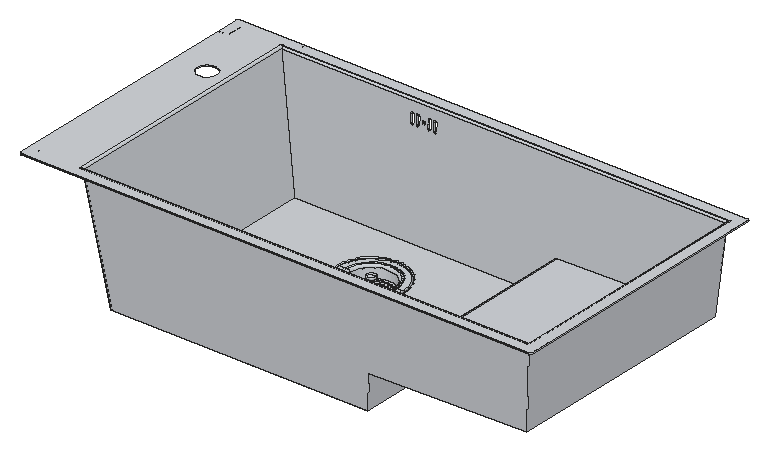
Revit family "Sink-Top_Undermount-Kitchen-KOHLER-GEOG-K-3746T", category Plumbing Fixtures, host Face, Revit 2017
Family settings
  Host = Face
  Round Connector Dimension = Use Diameter
  Part Type = Normal
  OmniClass Number = 23.31.13.00
  Cut with Voids When Loaded = No
  Shared = No
  Room Calculation Point = No
Parameters (values of type "NA-Stainless")
  Width = 35.43307"  # constant formula
  WaterSense Certified = 1 = 0  # no
  Waste Water Outlet = "Waste Water Outlet"  # constant formula
  Waste Connection = 1 = 1  # yes
  Vent Connection = 1 = 0  # no
  URL = "http://www.kohler.com.cn/"
  Type = 1
  Product Page URL = ""
  Product Name = "GEOG"  # constant formula
  Product Documentation Link = ""
  Model = "K-3746T-1F-NA"  # constant formula
  Material = "Stainless Steel"  # constant formula
  Master Format 2014 Name = "Residential Lavatories and Sinks"  # constant formula
  Master Format 2014 = "22 41 16"  # constant formula
  Manufacturer Address = "Kohler Beijing Office (100016) 36-2-03-B, No. 88, Liuxiang Road, Beijing"  # constant formula
  Manufacturer = "KOHLER Co."  # constant formula
  Length = 18.89764"  # constant formula
  Hot Water Inlet = "Hot Water Inlet"  # constant formula
  Height = 9 3/16"  # constant formula
  HW Connection = 1 = 0  # no
  Finish = Kohler-Metal-NA-Stainless
  Environmental Product Declaration = ""
  Drain Included = 1 = 1  # yes
  Description = "Single Bowl"  # constant formula
  Default Elevation = 36"
  Declare Label = ""
  Date Modified = "11/11/2020"  # constant formula
  Date Created = "11/11/2020"  # constant formula
  Copyright = "Copyright KOHLER Co."  # constant formula
  Contact Us = "http://www.kohler.com.cn/contact/contact-us/"
  Cold Water Inlet = "Cold Water Inlet"  # constant formula
  CW Connection = 1 = 0  # no
  Assembly Code = "D2010400"
  ADA Compliant = 1 = 0  # no
Reference planes (in)
  plane 1 "Center (Front/Back)": y = 0
  plane 2: z = 0
  plane 3 "Center (Left/Right)": x = 0
  plane 4: y = 3.9370079
  plane 5: x = -4.0433071
  plane 6: y = 9.4488189
  plane 7: x = 17.7165354
  plane 8: x = -15.4133858
  plane 9: x = -17.7165354
  plane 10: y = -9.4488189
  plane 11: z = -11.475
  plane 12: x = -14.1141732
  plane 13: x = 16.9488189
  plane 14: z = -9.1402559
  plane 15: z = -6.2007874
  plane 16: z = 0.0472441
Forms (in)
  Extrusion 1, void
    sketch origin (0, 0, 0) x (1, 0, 0) y (0, 1, 0)
      loop
        line (-17.6725392, 9.4086699) -> (-17.6725392, -9.3966949) -> (17.6601273, -9.3966949) -> (17.6601273, 9.4086699) -> (-17.6725392, 9.4086699)
    from -11.475 to 0
Dimensions and locks (in)
  plane 9 to plane 8 = 2.30315"
  plane 6 to plane 4 = 5.51181"
  plane 9 to plane 5 = 13.67323"
  "Length": plane 6 to plane 10
  "Width": plane 9 to plane 7
  plane 7 to plane 13 = 0.76772"
  plane 12 to plane 9 = 3.60236"
  plane 16 to plane 15 = 6.24803"
  "Height": plane 16 to plane 14
  plane 16 to plane 11 = 11.52224"
  aligned and locked: plane 2 to host face
  aligned and locked: level to host face
  aligned and locked: Extrusion 1 to plane 11
Automatic sketch dimensions
  host sketch curve to host sketch curve = 96"  (x2)
  plane 9 to Extrusion 1 sketch curve = 0.044"
  plane 13 to Extrusion 1 sketch curve = 0.71131"
  Extrusion 1 sketch curve to plane 10 = 0.05212"
  Extrusion 1 sketch curve to plane 6 = 0.04015"
Nested families (in)
  nested 1: "K-3746T" at (0, 0, -0.0472441), type "K-3746T"
Connectors (in)
  piping at (-4.0433071, 3.9370079, -11.4277559), diameter 1.5, driven by "Waste Connection", driven by "Waste Water Outlet"
    settings: on nested 1, index 1, connector inside diameter 24", connector length 0", flow factor 0, pipe flow 0 GPM, pressure drop 0.00 psi, fitting loss kfactor 0, connector angle 0.00°, fixture units 0, engagement length 0", angle of deflection 0.00°, flow configuration 0, flow direction 2, fitting loss method 0, system type 16, joint type 0, gender type 0, connector reference index -1, connector utility 1, adjustable connector no, is connector primary yes, connector description "Waste Water Outlet"
Definition of nested family "K-3746T"
  Parameters (values of type "K-3746T")
    Material = none
  Reference planes (in)
    plane 1 "Center (Front/Back)": y = 0
    plane 2: z = 0
    plane 3 "Center (Left/Right)": x = 0
    plane 4: z = 0.0944882
    plane 5: z = -11.3805118
    plane 6: x = -17.7165354
    plane 7: x = 17.7165354
    plane 8: y = 9.4488189
    plane 9: y = -9.4488189
    plane 10 "1111": y = 3.9370079
    plane 11: x = -4.0433071
    plane 12: x = -15.4133858
    plane 13: z = -6.1062992
    plane 14: z = -9.019685
    plane 15: x = -14.1141732
    plane 16: x = 16.9488189
  Forms (in)
    Extrusion 1, solid, material <- "Material", detail levels medium+fine
      sketch origin (0, 0, 0) x (1, 0, 0) y (0, 1, 0)
        loop
          arc (-17.5590551, 9.4488189) -> (-17.6704105, 9.402694) -> (-17.7165354, 9.2913386) r 0.1574803
          line (-17.7165354, 9.2913386) -> (-17.7165354, -9.2913386)
          arc (-17.7165354, -9.2913386) -> (-17.6704105, -9.402694) -> (-17.5590551, -9.4488189) r 0.1574803
          line (-17.5590551, -9.4488189) -> (17.5590551, -9.4488189)
          arc (17.5590551, -9.4488189) -> (17.6704105, -9.402694) -> (17.7165354, -9.2913386) r 0.1574803
          line (17.7165354, -9.2913386) -> (17.7165354, 9.2913386)
          arc (17.7165354, 9.2913386) -> (17.6704105, 9.402694) -> (17.5590551, 9.4488189) r 0.1574803
          line (17.5590551, 9.4488189) -> (-17.5590551, 9.4488189)
        loop
          circle (-15.4133858, 3.9370079) r 0.687952
        loop
          line (16.9503504, -8.6826339) -> (16.9503504, 8.6967176) -> (-14.1157048, 8.6967176) -> (-14.1157048, -8.6826339) -> (16.9503504, -8.6826339)
      from 0.0472441 to 0.0944882
    Extrusion 2, solid, material <- "Material", detail levels medium+fine
      sketch origin (0, 0, 0) x (1, 0, 0) y (0, 1, 0)
        loop
          line (-17.0866142, 8.8188976) -> (-13.1102362, 8.8188976) -> (-13.1102362, 9.3700787) -> (-17.519685, 9.3700787)
          arc (-17.519685, 9.3700787) -> (-17.6032016, 9.3354851) -> (-17.6377953, 9.2519685) r 0.1181102
          line (-17.6377953, 9.2519685) -> (-17.6377953, 7.7952756) -> (-17.0866142, 7.7952756) -> (-17.0866142, 8.8188976)
        loop
          line (-17.0866142, -8.8188976) -> (-17.0866142, -7.7952756) -> (-17.6377953, -7.7952756) -> (-17.6377953, -9.2519685)
          arc (-17.6377953, -9.2519685) -> (-17.6032016, -9.3354851) -> (-17.519685, -9.3700787) r 0.1181102
          line (-17.519685, -9.3700787) -> (-13.1102362, -9.3700787) -> (-13.1102362, -8.8188976) -> (-17.0866142, -8.8188976)
        loop
          line (17.0866142, 8.8188976) -> (17.0866142, 7.7952756) -> (17.6377953, 7.7952756) -> (17.6377953, 9.2519685)
          arc (17.6377953, 9.2519685) -> (17.6032016, 9.3354851) -> (17.519685, 9.3700787) r 0.1181102
          line (17.519685, 9.3700787) -> (16.0629921, 9.3700787) -> (16.0629921, 8.8188976) -> (17.0866142, 8.8188976)
        loop
          line (17.0866142, -8.8188976) -> (16.0629921, -8.8188976) -> (16.0629921, -9.3700787) -> (17.519685, -9.3700787)
          arc (17.519685, -9.3700787) -> (17.6032016, -9.3354851) -> (17.6377953, -9.2519685) r 0.1181102
          line (17.6377953, -9.2519685) -> (17.6377953, -7.7952756) -> (17.0866142, -7.7952756) -> (17.0866142, -8.8188976)
      from 0 to 0.0472441
    Sweep 3, solid, material <- "Material", detail levels medium+fine
      path origin (0, 0, 0) x (1, 0, 0) y (0, 1, 0)
        loop
          line (16.9503504, 8.7287936) -> (16.9503504, -8.6826339) -> (-14.1157048, -8.6826339) -> (-14.1157048, 8.7287936)
      profile origin (-14.1157048, 0.0230799, 0) x (-1, 0, 0) y (0, 0, 1)
        loop
          line (0.0310792, 0.0944882) -> (-0.0006553, 0.0944882)
          arc (-0.0006553, 0.0944882) -> (-0.1045141, 0.0551396) -> (-0.1562266, -0.0431497) r 0.1567397
          line (-0.1562266, -0.0431497) -> (-1.2309142, -8.795778) -> (-1.1833154, -8.795778) -> (-0.1093347, -0.0489073)
          arc (-0.1093347, -0.0489073) -> (-0.0732092, 0.0197559) -> (-0.0006553, 0.0472441) r 0.1094956
          line (-0.0006553, 0.0472441) -> (0.0310792, 0.0472441) -> (0.0310792, 0.0944882)
    Sweep 4, solid, material <- "Material", detail levels medium+fine
      path origin (0, 0, 0) x (1, 0, 0) y (0, 1, 0)
        loop
          line (-14.1467839, 8.6967176) -> (16.9814296, 8.6967176)
      profile origin (1.4173228, 8.6967176, 0) x (0, 1, 0) y (0, 0, 1)
        loop
          line (0.0351518, 0.0472441) -> (0.0351518, 0.0944882) -> (-0.001295, 0.0944882)
          arc (-0.001295, 0.0944882) -> (-0.1102557, 0.0501885) -> (-0.1573925, -0.0575752) r 0.1561509
          line (-0.1573925, -0.0575752) -> (-0.3862103, -8.795778) -> (-0.3389501, -8.795778) -> (-0.1101645, -0.0588119)
          arc (-0.1101645, -0.0588119) -> (-0.0772892, 0.0163474) -> (-0.001295, 0.0472441) r 0.1089068
          line (-0.001295, 0.0472441) -> (0.0351518, 0.0472441)
    Extrusion 5, void
      sketch origin (0, 0, 0) x (1, 0, 0) y (0, 0, 1)
        loop
          arc (-14.0063701, -0.0489073) -> (-14.0424955, 0.0197559) -> (-14.1150495, 0.0472441) r 0.1094956
          line (-14.1150495, 0.0472441) -> (-14.3110236, 0.0472441) -> (-14.3110236, -9.1141732) -> (-12.8932954, -9.1141732) -> (-14.0063701, -0.0489073)
        loop
          line (16.8410158, -0.0489073) -> (15.7279411, -9.1141732) -> (17.1456693, -9.1141732) -> (17.1456693, 0.0472441) -> (16.9496952, 0.0472441)
          arc (16.9496952, 0.0472441) -> (16.8771412, 0.0197559) -> (16.8410158, -0.0489073) r 0.1094956
      from -9.4488189 to -7.2900711
    Extrusion 6, void
      sketch origin (0, 0, 0) x (0, 1, 0) y (0, 0, 1)
        loop
          line (8.3545848, -8.9173228) -> (8.7820781, -8.9173228) -> (8.7820781, 0.0472441) -> (8.6954226, 0.0472441)
          arc (8.6954226, 0.0472441) -> (8.6194284, 0.0163474) -> (8.5865531, -0.0588119) r 0.1089068
          line (8.5865531, -0.0588119) -> (8.3545848, -8.9173228)
      from -19.5195672 to 18.6566882
    Extrusion 7, void
      sketch origin (0, 0, 0) x (1, 0, 0) y (0, 0, 1)
        loop
          line (5.1483569, -6.3342358) -> (4.6706911, -10.2245118) -> (19.8818898, -10.2245118) -> (19.8818898, -5.9309107) -> (5.2556525, -6.2372867)
          arc (5.2556525, -6.2372867) -> (5.183929, -6.2657565) -> (5.1483569, -6.3342358) r 0.1104314
      from -11.4807703 to 9.8425197
    Extrusion 8, solid, material <- "Material", detail levels medium+fine
      sketch origin (0, 0, 0) x (1, 0, 0) y (0, 0, 1)
        loop
          arc (5.1483569, -6.3342358) -> (5.183929, -6.2657565) -> (5.2556525, -6.2372867) r 0.1104314
          line (5.2556525, -6.2372867) -> (16.109093, -6.0099396) -> (16.1149101, -5.9625633) -> (5.2546631, -6.190053)
          arc (5.2546631, -6.190053) -> (5.1522553, -6.2307025) -> (5.101465, -6.3284782) r 0.1576755
          line (5.101465, -6.3284782) -> (4.7985186, -8.795778) -> (4.8461175, -8.795778) -> (5.1483569, -6.3342358)
      from -9.4299723 to 8.7712703
    Extrusion 9, void
      sketch origin (0, 0, 0) x (0, 1, 0) y (0, 0, 1)
        loop
          line (-7.8471936, -5.9625633) -> (-8.7712703, -5.9625633) -> (-8.7712703, -8.795778) -> (-7.4993185, -8.795778) -> (-7.8471936, -5.9625633)
        loop
          line (8.3577676, -8.795778) -> (9.4299723, -8.795778) -> (9.4299723, -5.9625633) -> (8.4319579, -5.9625633) -> (8.3577676, -8.795778)
      from 4.0934272 to 16.7602283
    Extrusion 10, solid, material <- "Material", detail levels medium+fine
      sketch origin (0, 0, 0) x (1, 0, 0) y (0, 1, 0)
        loop
          line (4.8461175, -7.4993185) -> (4.8461175, 8.3577676) -> (-12.9323894, 8.3577676) -> (-12.9323894, -7.4993185) -> (4.8461175, -7.4993185)
        loop
          circle (-4.0433071, 3.9370079) r 2.4685039
      from -8.795778 to -8.7480315
    Revolve 11, solid, material <- "Material", detail levels medium+fine
      sketch origin (0, 3.9370079, 0) x (-1, 0, 0) y (0, 0, 1)
        loop
          line (6.511811, -8.7480315) -> (6.4013983, -8.7480315)
          arc (6.4013983, -8.7480315) -> (6.3560246, -8.758498) -> (6.3198204, -8.7877823) r 0.1035836
          line (6.3198204, -8.7877823) -> (6.1383619, -9.019685) -> (6.1982926, -9.019685) -> (6.3489586, -8.827135)
          arc (6.3489586, -8.827135) -> (6.37748, -8.8040352) -> (6.4132417, -8.795778) r 0.0815699
          line (6.4132417, -8.795778) -> (6.511811, -8.795778) -> (6.511811, -8.7480315)
        axis (4.0433071, -8.7480315) -> (4.0433071, -9.019685)
      angle from 0 to 360
    Revolve 12, solid, material <- "Material", detail levels medium+fine
      sketch origin (0, 3.9370079, 0) x (-1, 0, 0) y (0, 0, 1)
        loop
          line (4.7617164, -11.3805118) -> (4.8781326, -11.3805118) -> (4.9786485, -11.2799959) -> (4.9786485, -10.6905771)
          arc (4.9786485, -10.6905771) -> (5.0464145, -10.4753081) -> (5.2252727, -10.3376757) r 0.3758003
          line (5.2252727, -10.3376757) -> (5.6112559, -10.1963903)
          arc (5.6112559, -10.1963903) -> (5.694463, -10.132362) -> (5.7259886, -10.0322163) r 0.1748269
          line (5.7259886, -10.0322163) -> (5.7259886, -9.0505081)
          arc (5.7259886, -9.0505081) -> (5.7508715, -8.9812034) -> (5.814155, -8.9435537) r 0.1089562
          line (5.814155, -8.9435537) -> (6.2497965, -8.8588735)
          arc (6.2497965, -8.8588735) -> (6.291764, -8.8026723) -> (6.2398439, -8.7555114) r 0.0521602
          line (6.2398439, -8.7555114) -> (5.8499592, -8.7555114) -> (5.8026491, -8.8028216)
          arc (5.8026491, -8.8028216) -> (5.6843498, -8.8665355) -> (5.6371519, -8.9923391) r 0.1912608
          line (5.6371519, -8.9923391) -> (5.6371519, -9.9442574)
          arc (5.6371519, -9.9442574) -> (5.6049836, -10.0520993) -> (5.5189924, -10.1246952) r 0.1968504
          line (5.5189924, -10.1246952) -> (5.0038603, -10.3493498) -> (4.8640343, -10.6492077) -> (4.8408705, -10.9804652) -> (4.7955043, -11.0590418) -> (4.7617164, -11.3805118)
        axis (4.0433071, -8.7555114) -> (4.0433071, -11.3805118)
      angle from 0 to 360
    Revolve 13, solid, material <- "Material", detail levels medium+fine
      sketch origin (0, 3.9370079, 0) x (-1, 0, 0) y (0, 0, 1)
        loop
          line (5.7946496, -8.7745118) -> (5.7189467, -8.7745118)
          arc (5.7189467, -8.7745118) -> (5.6136841, -8.8165249) -> (5.5662788, -8.9194719) r 0.1528729
          line (5.5662788, -8.9194719) -> (5.5346238, -9.5302163)
          arc (5.5346238, -9.5302163) -> (5.5054222, -9.5936317) -> (5.4405803, -9.6195118) r 0.0941698
          line (5.4405803, -9.6195118) -> (4.3241116, -9.6195118) -> (4.3241116, -9.4692781)
          arc (4.3241116, -9.4692781) -> (4.3124643, -9.4411591) -> (4.2843452, -9.4295118) r 0.0397663
          line (4.2843452, -9.4295118) -> (4.1928305, -9.4295118) -> (4.1928305, -8.6845118) -> (4.2990661, -8.6845118)
          arc (4.2990661, -8.6845118) -> (4.3533831, -8.6377753) -> (4.3152731, -8.5770935) r 0.0549318
          arc (4.3152731, -8.5770935) -> (4.1808292, -8.5463759) -> (4.0433071, -8.5360598) r 0.9217942
          line (4.0433071, -8.5360598) -> (4.0433071, -9.6495118) -> (5.4413, -9.6495118)
          arc (5.4413, -9.6495118) -> (5.5264723, -9.6155173) -> (5.5648298, -9.5322187) r 0.1236956
          line (5.5648298, -9.5322187) -> (5.5964942, -8.9212927)
          arc (5.5964942, -8.9212927) -> (5.6346842, -8.8383579) -> (5.7194846, -8.8045118) r 0.1231555
          line (5.7194846, -8.8045118) -> (5.7736434, -8.8045118) -> (5.7946496, -8.7745118)
        axis (4.0433071, -8.5360598) -> (4.0433071, -9.6495118)
      angle from 0 to 360
    Extrusion 14, solid, material <- "Material", detail levels medium+fine
      sketch origin (0, 0, 0) x (1, 0, 0) y (0, 1, 0)
        loop
          arc (-4.3869596, 2.9435443) -> (-4.4687484, 2.9400604) -> (-4.5261477, 2.8816919) r 0.1115814
          line (-4.5261477, 2.8816919) -> (-4.6588251, 2.5691234)
          arc (-4.6588251, 2.5691234) -> (-4.0433071, 2.4370177) -> (-3.427789, 2.5691234) r 1.4999901
          line (-3.427789, 2.5691234) -> (-3.5609576, 2.8828489)
          arc (-3.5609576, 2.8828489) -> (-3.6177193, 2.9405379) -> (-3.6985803, 2.9439166) r 0.1102362
          arc (-3.6985803, 2.9439166) -> (-4.0427386, 2.8857864) -> (-4.3869596, 2.9435443) r 1.0512216
        loop
          arc (-4.3869596, 4.9304714) -> (-4.0427386, 4.9882293) -> (-3.6985803, 4.9300992) r 1.0512216
          arc (-3.6985803, 4.9300992) -> (-3.6177193, 4.9334778) -> (-3.5609576, 4.9911668) r 0.1102362
          line (-3.5609576, 4.9911668) -> (-3.427789, 5.3048924)
          arc (-3.427789, 5.3048924) -> (-4.0433071, 5.436998) -> (-4.6588251, 5.3048924) r 1.4999901
          line (-4.6588251, 5.3048924) -> (-4.5261477, 4.9923238)
          arc (-4.5261477, 4.9923238) -> (-4.4687484, 4.9339553) -> (-4.3869596, 4.9304714) r 0.1115814
      from -10.4099787 to -10.0179876
    Extrusion 15, void
      sketch origin (0, 0, 0) x (1, 0, 0) y (0, 1, 0)
        loop
          circle (-5.327151, 3.9370079) r 0.0984252
        loop
          circle (-4.9956355, 3.9370079) r 0.0984252
        loop
          circle (-4.6667161, 3.9370079) r 0.0984252
        loop
          circle (-2.7594632, 3.9370079) r 0.0984252
        loop
          circle (-3.0909787, 3.9370079) r 0.0984252
        loop
          circle (-3.4198981, 3.9370079) r 0.0984252
        loop
          circle (-4.0433071, 5.2208518) r 0.0984252
        loop
          circle (-4.0433071, 4.8893363) r 0.0984252
        loop
          circle (-4.0433071, 4.5604169) r 0.0984252
        loop
          circle (-4.0433071, 2.6531639) r 0.0984252
        loop
          circle (-4.0433071, 2.9846794) r 0.0984252
        loop
          circle (-4.0433071, 3.3135989) r 0.0984252
        loop
          circle (-4.5831951, 4.2487124) r 0.0984252
        loop
          circle (-3.5034191, 3.6253034) r 0.0984252
        loop
          circle (-3.7316026, 4.4768959) r 0.0984252
        loop
          circle (-4.3550116, 3.3971198) r 0.0984252
        loop
          circle (-4.3550116, 4.4768959) r 0.0984252
        loop
          circle (-3.7316026, 3.3971198) r 0.0984252
        loop
          circle (-3.5034191, 4.2487124) r 0.0984252
        loop
          circle (-4.5831951, 3.6253034) r 0.0984252
        loop
          circle (-4.9472983, 4.2365563) r 0.0984252
        loop
          circle (-3.1393158, 3.6374595) r 0.0984252
        loop
          circle (-3.7437587, 4.8409991) r 0.0984252
        loop
          circle (-4.3428555, 3.0330166) r 0.0984252
        loop
          circle (-4.9472983, 3.6374595) r 0.0984252
        loop
          circle (-4.3428555, 4.8409991) r 0.0984252
        loop
          circle (-3.1393158, 4.2365563) r 0.0984252
        loop
          circle (-3.7437587, 3.0330166) r 0.0984252
        loop
          circle (-4.8071937, 4.5056965) r 0.0984252
        loop
          circle (-3.2794205, 3.3683193) r 0.0984252
        loop
          circle (-3.4746185, 4.7008945) r 0.0984252
        loop
          circle (-4.6119957, 3.1731213) r 0.0984252
        loop
          circle (-4.5895441, 4.717107) r 0.0984252
        loop
          circle (-3.4970701, 3.1569088) r 0.0984252
        loop
          circle (-3.263208, 4.4832449) r 0.0984252
        loop
          circle (-4.8234062, 3.3907709) r 0.0984252
        loop
          circle (-5.2942462, 4.2258099) r 0.0984252
        loop
          circle (-2.792368, 3.6482058) r 0.0984252
        loop
          circle (-3.754505, 5.187947) r 0.0984252
        loop
          circle (-4.3321091, 2.6860688) r 0.0984252
        loop
          circle (-5.2942462, 3.6482058) r 0.0984252
        loop
          circle (-4.3321091, 5.187947) r 0.0984252
        loop
          circle (-2.792368, 4.2258099) r 0.0984252
        loop
          circle (-3.754505, 2.6860688) r 0.0984252
        loop
          circle (-5.0410412, 4.744957) r 0.0984252
        loop
          circle (-3.045573, 3.1290587) r 0.0984252
        loop
          circle (-3.2353579, 4.934742) r 0.0984252
        loop
          circle (-4.8512563, 2.9392737) r 0.0984252
        loop
          circle (-4.8337203, 4.9486907) r 0.0984252
        loop
          circle (-3.2528938, 2.9253251) r 0.0984252
        loop
          circle (-3.0316243, 4.7274211) r 0.0984252
        loop
          circle (-5.0549899, 3.1465946) r 0.0984252
        loop
          circle (-5.1972184, 4.499808) r 0.0984252
        loop
          circle (-3.480507, 5.0909192) r 0.0984252
        loop
          circle (-2.8893958, 3.3742077) r 0.0984252
        loop
          circle (-4.6061072, 2.7830966) r 0.0984252
        loop
          circle (-4.6061072, 5.0909192) r 0.0984252
        loop
          circle (-3.480507, 2.7830966) r 0.0984252
        loop
          circle (-2.8893958, 4.499808) r 0.0984252
        loop
          circle (-5.1972184, 3.3742077) r 0.0984252
      from -9.7677916 to -8.9801242
    Extrusion 16, void
      sketch origin (0, 3.9370079, 0) x (-1, 0, 0) y (0, 0, 1)
        loop
          line (3.7675591, -1.3622047) -> (3.7675591, -0.8110236)
          arc (3.7675591, -0.8110236) -> (3.6494488, -0.6929134) -> (3.5313386, -0.8110236) r 0.1181102
          line (3.5313386, -0.8110236) -> (3.5313386, -1.3622047)
          arc (3.5313386, -1.3622047) -> (3.6494488, -1.480315) -> (3.7675591, -1.3622047) r 0.1181102
        loop
          line (3.3738583, -1.3622047) -> (3.3738583, -0.8110236)
          arc (3.3738583, -0.8110236) -> (3.255748, -0.6929134) -> (3.1376378, -0.8110236) r 0.1181102
          line (3.1376378, -0.8110236) -> (3.1376378, -1.3622047)
          arc (3.1376378, -1.3622047) -> (3.255748, -1.480315) -> (3.3738583, -1.3622047) r 0.1181102
        loop
          circle (4.0433071, -1.0866142) r 0.1192121
        loop
          arc (4.3190551, -1.3622047) -> (4.4371654, -1.480315) -> (4.5552756, -1.3622047) r 0.1181102
          line (4.5552756, -1.3622047) -> (4.5552756, -0.8110236)
          arc (4.5552756, -0.8110236) -> (4.4371654, -0.6929134) -> (4.3190551, -0.8110236) r 0.1181102
          line (4.3190551, -0.8110236) -> (4.3190551, -1.3622047)
        loop
          arc (4.7127559, -1.3622047) -> (4.8308661, -1.480315) -> (4.9489764, -1.3622047) r 0.1181102
          line (4.9489764, -1.3622047) -> (4.9489764, -0.8110236)
          arc (4.9489764, -0.8110236) -> (4.8308661, -0.6929134) -> (4.7127559, -0.8110236) r 0.1181102
          line (4.7127559, -0.8110236) -> (4.7127559, -1.3622047)
      from 3.8582677 to 6.7964432
    Extrusion 17, solid, material <- "Material", detail levels coarse
      sketch origin (0, 0, 0) x (1, 0, 0) y (0, 1, 0)
        loop
          arc (-17.5590551, 9.4488189) -> (-17.6704105, 9.402694) -> (-17.7165354, 9.2913386) r 0.1574803
          line (-17.7165354, 9.2913386) -> (-17.7165354, -9.2913386)
          arc (-17.7165354, -9.2913386) -> (-17.6704105, -9.402694) -> (-17.5590551, -9.4488189) r 0.1574803
          line (-17.5590551, -9.4488189) -> (17.5590551, -9.4488189)
          arc (17.5590551, -9.4488189) -> (17.6704105, -9.402694) -> (17.7165354, -9.2913386) r 0.1574803
          line (17.7165354, -9.2913386) -> (17.7165354, 9.2913386)
          arc (17.7165354, 9.2913386) -> (17.6704105, 9.402694) -> (17.5590551, 9.4488189) r 0.1574803
          line (17.5590551, 9.4488189) -> (-17.5590551, 9.4488189)
        loop
          circle (-15.4133858, 3.9370079) r 0.687952
        loop
          line (16.6026584, -8.4103043) -> (16.6026584, 8.3059796) -> (-14.1157048, 8.3059796) -> (-14.1157048, -8.4103043) -> (16.6026584, -8.4103043)
      from 0.0472441 to 0.0944882
    Extrusion 18, solid, material <- "Material", detail levels coarse
      sketch origin (0, 0, 0) x (1, 0, 0) y (0, 1, 0)
        loop
          line (-14.1157048, 8.3854769) -> (-14.1157048, -8.3244629) -> (16.6025844, -8.3244629) -> (16.6025844, 8.3854769) -> (-14.1157048, 8.3854769)
        loop
          line (-14.1629489, -8.4476366) -> (16.685977, -8.4476366) -> (16.685977, 8.4677777) -> (-14.1629489, 8.4677777) -> (-14.1629489, -8.4476366)
      from 0 to -8.7555118
    Extrusion 19, solid, material <- "Material", detail levels coarse
      sketch origin (0, 0, 0) x (1, 0, 0) y (0, 0, 1)
        loop
          line (5.2556525, -6.2372867) -> (16.6823828, -5.9979309) -> (16.6823828, -5.9664279) -> (5.2549929, -6.2057976)
          arc (5.2549929, -6.2057976) -> (5.1628132, -6.2423872) -> (5.1170956, -6.3303974) r 0.1419275
          line (5.1170956, -6.3303974) -> (4.819329, -8.7555118) -> (4.8510616, -8.7555118) -> (5.1483569, -6.3342358)
          arc (5.1483569, -6.3342358) -> (5.183929, -6.2657565) -> (5.2556525, -6.2372867) r 0.1104314
      from -8.3805179 to 8.4476366
    Extrusion 20, solid, material <- "Material", detail levels coarse
      sketch origin (0, 0, 0) x (1, 0, 0) y (0, 1, 0)
        loop
          line (-14.1629489, -8.4476366) -> (4.8510616, -8.4476366) -> (4.8510616, 8.3398136) -> (-14.1629489, 8.3398136) -> (-14.1629489, -8.4476366)
      from -8.7555118 to -8.6098462
    Revolve 21, solid, material <- "Material", detail levels coarse
      sketch origin (0, 3.9370079, 0) x (-1, 0, 0) y (0, 0, 1)
        loop
          line (4.0433071, -11.3805118) -> (4.8781326, -11.3805118) -> (4.9786485, -11.2799959) -> (4.9786485, -10.42795) -> (5.7259886, -10.1543936) -> (5.7259886, -9.0505081)
          arc (5.7259886, -9.0505081) -> (5.7508715, -8.9812034) -> (5.814155, -8.9435537) r 0.1089562
          line (5.814155, -8.9435537) -> (6.2694308, -8.855057)
          arc (6.2694308, -8.855057) -> (6.3098486, -8.800931) -> (6.2598456, -8.7555114) r 0.0502343
          line (6.2598456, -8.7555114) -> (4.0433071, -8.7555114) -> (4.0433071, -11.3805118)
        axis (4.0433071, -8.7555114) -> (4.0433071, -11.3805118)
      angle from 0 to 360
  Cuts and joins
    Extrusion 5, Extrusion 6, Extrusion 7 cuts Sweep 3
    Extrusion 9 cuts Extrusion 8
    joined: Extrusion 1, Sweep 3, Extrusion 8
    Extrusion 5, Extrusion 7, Extrusion 16 cuts Sweep 4
    joined: Extrusion 10, Revolve 11
    joined: Revolve 12, Extrusion 14
    Extrusion 15 cuts Revolve 13
    Extrusion 7 cuts Extrusion 18
    joined: Extrusion 17, Extrusion 18, Extrusion 19, Extrusion 20
  Lines and regions (in)
    Masking region 1
      outline origin (0, 0, 0) x (1, 0, 0) y (0, 1, 0)
        loop
          arc (-17.5590551, 9.4488189) -> (-17.6704105, 9.402694) -> (-17.7165354, 9.2913386) r 0.1574803
          line (-17.7165354, 9.2913386) -> (-17.7165354, -9.2913386)
          arc (-17.7165354, -9.2913386) -> (-17.6704105, -9.402694) -> (-17.5590551, -9.4488189) r 0.1574803
          line (-17.5590551, -9.4488189) -> (17.5590551, -9.4488189)
          arc (17.5590551, -9.4488189) -> (17.6704105, -9.402694) -> (17.7165354, -9.2913386) r 0.1574803
          line (17.7165354, -9.2913386) -> (17.7165354, 9.2913386)
          arc (17.7165354, 9.2913386) -> (17.6704105, 9.402694) -> (17.5590551, 9.4488189) r 0.1574803
          line (17.5590551, 9.4488189) -> (-17.5590551, 9.4488189)
    Masking region 2
      outline origin (0, 3.9370079, 0) x (-1, 0, 0) y (0, 0, 1)
        loop
          line (4.0433071, -11.3805118) -> (4.8781326, -11.3805118) -> (4.9786485, -11.2799959) -> (4.9786485, -10.6905771)
          arc (4.9786485, -10.6905771) -> (5.0464145, -10.4753081) -> (5.2252727, -10.3376757) r 0.3758003
          line (5.2252727, -10.3376757) -> (5.6112559, -10.1963903)
          arc (5.6112559, -10.1963903) -> (5.694463, -10.132362) -> (5.7259886, -10.0322163) r 0.1748269
          line (5.7259886, -10.0322163) -> (5.7259886, -9.0505081)
          arc (5.7259886, -9.0505081) -> (5.727107, -9.0349367) -> (5.7304393, -9.019685) r 0.1089562
          line (5.7304393, -9.019685) -> (6.1982926, -9.019685) -> (6.3490009, -8.827081)
          arc (6.3490009, -8.827081) -> (6.3775109, -8.8040202) -> (6.4132417, -8.795778) r 0.0815699
          line (6.4132417, -8.795778) -> (6.511811, -8.795778) -> (12.9323894, -8.795778) -> (14.0063701, -0.0489073)
          arc (14.0063701, -0.0489073) -> (14.0127064, -0.0233262) -> (14.0249716, 0) r 0.1094956
          line (14.0249716, 0) -> (17.6377953, 0) -> (17.6377953, 0.0472441) -> (17.7165354, 0.0472441) -> (17.7165354, 0.0944882) -> (-17.7165354, 0.0944882) -> (-17.7165354, 0.0472441) -> (-17.6377953, 0.0472441) -> (-17.6377953, 0) -> (-16.8596172, 0)
          arc (-16.8596172, 0) -> (-16.8473521, -0.0233262) -> (-16.8410158, -0.0489073) r 0.1094956
          line (-16.8410158, -0.0489073) -> (-16.109093, -6.0099396) -> (-5.2556525, -6.2372867)
          arc (-5.2556525, -6.2372867) -> (-5.183929, -6.2657565) -> (-5.1483569, -6.3342358) r 0.1104314
          line (-5.1483569, -6.3342358) -> (-4.8461175, -8.795778) -> (1.6733725, -8.795778)
          arc (1.6733725, -8.795778) -> (1.7091033, -8.8040202) -> (1.7376133, -8.827081) r 0.0815699
          line (1.7376133, -8.827081) -> (1.8883216, -9.019685) -> (2.3561749, -9.019685)
          arc (2.3561749, -9.019685) -> (2.3595072, -9.0349367) -> (2.3606256, -9.0505081) r 0.1089562
          line (2.3606256, -9.0505081) -> (2.3606256, -10.0322163)
          arc (2.3606256, -10.0322163) -> (2.3921512, -10.132362) -> (2.4753582, -10.1963903) r 0.1748269
          line (2.4753582, -10.1963903) -> (2.8613414, -10.3376757)
          arc (2.8613414, -10.3376757) -> (3.0401997, -10.4753081) -> (3.1079657, -10.6905771) r 0.3758003
          line (3.1079657, -10.6905771) -> (3.1079657, -11.2799959) -> (3.2084816, -11.3805118) -> (4.0433071, -11.3805118)
    Masking region 3
      outline origin (0, 0, 0) x (0, 1, 0) y (0, 0, 1)
        loop
          line (3.9370079, -11.3805118) -> (4.7718334, -11.3805118) -> (4.8723493, -11.2799959) -> (4.8723493, -10.6905771)
          arc (4.8723493, -10.6905771) -> (4.9052438, -10.5368192) -> (4.9981687, -10.4099787) r 0.3758003
          line (4.9981687, -10.4099787) -> (5.436998, -10.4099787) -> (5.436998, -10.2212659) -> (5.5049567, -10.1963903)
          arc (5.5049567, -10.1963903) -> (5.5881638, -10.132362) -> (5.6196893, -10.0322163) r 0.1748269
          line (5.6196893, -10.0322163) -> (5.6196893, -9.0505081)
          arc (5.6196893, -9.0505081) -> (5.6208078, -9.0349367) -> (5.6241401, -9.019685) r 0.1089562
          line (5.6241401, -9.019685) -> (6.0922546, -9.019685) -> (6.2426594, -8.827135)
          arc (6.2426594, -8.827135) -> (6.2711808, -8.8040352) -> (6.3069425, -8.795778) r 0.0815699
          line (6.3069425, -8.795778) -> (8.3577676, -8.795778) -> (8.5881008, -0.0431497)
          arc (8.5881008, -0.0431497) -> (8.5945433, -0.0206254) -> (8.605654, 0) r 0.1089068
          line (8.605654, 0) -> (9.3700787, 0) -> (9.3700787, 0.0472441) -> (9.4488189, 0.0472441) -> (9.4488189, 0.0944882) -> (-9.4488189, 0.0944882) -> (-9.4488189, 0.0472441) -> (-9.3700787, 0.0472441) -> (-9.3700787, 0) -> (-8.5919007, 0)
          arc (-8.5919007, 0) -> (-8.5796356, -0.0233262) -> (-8.5732992, -0.0489073) r 0.1094956
          line (-8.5732992, -0.0489073) -> (-7.4993185, -8.795778) -> (1.5670733, -8.795778)
          arc (1.5670733, -8.795778) -> (1.6028349, -8.8040352) -> (1.6313564, -8.827135) r 0.0815699
          line (1.6313564, -8.827135) -> (1.7817612, -9.019685) -> (2.2498757, -9.019685)
          arc (2.2498757, -9.019685) -> (2.253208, -9.0349367) -> (2.2543264, -9.0505081) r 0.1089562
          line (2.2543264, -9.0505081) -> (2.2543264, -10.0322163)
          arc (2.2543264, -10.0322163) -> (2.285852, -10.132362) -> (2.369059, -10.1963903) r 0.1748269
          line (2.369059, -10.1963903) -> (2.4370177, -10.2212659) -> (2.4370177, -10.4099787) -> (2.875847, -10.4099787)
          arc (2.875847, -10.4099787) -> (2.9687719, -10.5368192) -> (3.0016665, -10.6905771) r 0.3758003
          line (3.0016665, -10.6905771) -> (3.0016665, -11.2799959) -> (3.1021824, -11.3805118) -> (3.9370079, -11.3805118)
    symbolic lines, detail levels medium+fine
      curve 1: line (0, 4.8723493, -11.2799959) -> (0, 3.0016665, -11.2799959)
      curve 2: line (0, 4.8723493, -10.6905771) -> (0, 3.0016665, -10.6905771)
      curve 3: line (0, 4.9911668, -10.4099787) -> (0, 4.9246298, -10.4099787)
      curve 4: line (0, 5.436998, -10.2212659) -> (0, 5.3048924, -10.2212659)
      curve 5: line (0, 5.3048924, -10.2212659) -> (0, 5.0098186, -10.3385591)
      curve 6: arc (0, 5.0098186, -10.3385591) -> (0, 4.9614733, -10.3674093) -> (0, 4.9246298, -10.4099787) r 0.177045
      curve 7: line (0, 2.8828489, -10.4099787) -> (0, 2.9493859, -10.4099787)
      curve 8: line (0, 2.4370177, -10.2212659) -> (0, 2.5691234, -10.2212659)
      curve 9: line (0, 2.5691234, -10.2212659) -> (0, 2.8641971, -10.3385591)
      curve 10: arc (0, 2.8641971, -10.3385591) -> (0, 2.9125424, -10.3674093) -> (0, 2.9493859, -10.4099787) r 0.177045
      curve 11: line (0, 5.5037813, -10.1968206) -> (0, 2.3702478, -10.1968206)
      curve 12: line (0, 5.0098186, -10.3385591) -> (0, 2.8641971, -10.3385591)
      curve 13: line (0, 5.6196893, -10.0322163) -> (0, 2.2543264, -10.0322163)
      curve 14: line (0, 5.6196893, -9.0505081) -> (0, 2.2543264, -9.0505081)
      curve 15: line (0, 6.3069425, -8.795778) -> (0, 1.5670733, -8.795778)
      curve 16: line (0, 9.3700787, 0.0472441) -> (0, 8.8188976, 0.0472441)
      curve 17: line (0, 8.605654, 0) -> (0, 7.7952756, 0)
      curve 18: line (0, 7.7952756, 0) -> (0, 7.7952756, 0.0472441)
      curve 19: line (0, 3.1308906, 0.0472441) -> (0, 8.8188976, 0.0472441)
      curve 20: line (0, -7.7952756, 0) -> (0, -8.5919007, 0)
      curve 21: line (0, 3.1308906, 0.0472441) -> (0, -9.3700787, 0.0472441)
      curve 22: line (-4.9786485, 3.9370079, -11.2799959) -> (-3.1079657, 3.9370079, -11.2799959)
      curve 23: line (-4.9786485, 3.9370079, -10.6905771) -> (-3.1079657, 3.9370079, -10.6905771)
      curve 24: line (-5.2252727, 3.9370079, -10.3376757) -> (-4.6588251, 3.9370079, -10.3376757)
      curve 25: line (-5.7259886, 3.9370079, -10.0322163) -> (-2.3606256, 3.9370079, -10.0322163)
      curve 26: line (-5.6112559, 3.9370079, -10.1963903) -> (-2.4753582, 3.9370079, -10.1963903)
      curve 27: line (-5.7259886, 3.9370079, -9.0505081) -> (-2.3606256, 3.9370079, -9.0505081)
      curve 28: line (-5.7304393, 3.9370079, -9.019685) -> (-2.3561749, 3.9370079, -9.019685)
      curve 29: line (-6.4132417, 3.9370079, -8.795778) -> (-1.6733725, 3.9370079, -8.795778)
      curve 30: line (-3.427789, 3.9370079, -10.2212659) -> (-4.6588251, 3.9370079, -10.2212659)
      curve 31: line (-3.427789, 3.9370079, -10.4099787) -> (-4.6588251, 3.9370079, -10.4099787)
      curve 32: line (-4.6588251, 3.9370079, -10.2212659) -> (-4.6588251, 3.9370079, -10.4099787)
      curve 33: line (-3.427789, 3.9370079, -10.2212659) -> (-3.427789, 3.9370079, -10.4099787)
      curve 34: line (-3.427789, 3.9370079, -10.3376757) -> (-2.8613414, 3.9370079, -10.3376757)
      curve 35: line (-17.6377953, 3.9370079, 0.0472441) -> (13.0356863, 3.9370079, 0.0472441)
      curve 36: line (-13.1102362, 3.9370079, 0.0472441) -> (-13.1102362, 3.9370079, 0)
      curve 37: line (-13.1102362, 3.9370079, 0) -> (-14.0249716, 3.9370079, 0)
      curve 38: line (17.6377953, 3.9370079, 0.0472441) -> (13.0356863, 3.9370079, 0.0472441)
      curve 39: line (16.0629921, 3.9370079, 0.0472441) -> (16.0629921, 3.9370079, 0)
      curve 40: line (16.0629921, 3.9370079, 0) -> (16.8596172, 3.9370079, 0)
      curve 41: circle (-4.0433071, 3.9370079, 0) r 2.3622047 normal (0, 0, 1)
      curve 42: circle (-4.0433071, 3.9370079, 0) r 2.1653543 normal (0, 0, 1)
      curve 44: circle (-4.0433071, 3.9370079, 0) r 0.2808045 normal (0, 0, 1)
      curve 45: arc (-4.0433071, 5.1224266, 0) -> (-3.9448819, 5.2208518, 0) -> (-4.0433071, 5.319277, 0) r 0.0984252
      curve 46: arc (-4.0433071, 4.7909111, 0) -> (-3.9448819, 4.8893363, 0) -> (-4.0433071, 4.9877615, 0) r 0.0984252
      curve 47: arc (-4.0433071, 4.4619917, 0) -> (-3.9448819, 4.5604169, 0) -> (-4.0433071, 4.6588421, 0) r 0.0984252
      curve 48: arc (-3.68239, 4.5621346, 0) -> (-3.8168413, 4.5261085, 0) -> (-3.7808152, 4.3916572, 0) r 0.0984252
      curve 49: arc (-3.7808152, 4.3916572, 0) -> (-3.6463639, 4.4276833, 0) -> (-3.68239, 4.5621346, 0) r 0.0984252
      curve 50: arc (-3.7747176, 4.7475697, 0) -> (-3.6503292, 4.8100402, 0) -> (-3.7127997, 4.9344286, 0) r 0.0984252
      curve 51: arc (-3.7127997, 4.9344286, 0) -> (-3.8371881, 4.8719581, 0) -> (-3.7747176, 4.7475697, 0) r 0.0984252
      curve 52: arc (-3.7766459, 5.0920444, 0) -> (-3.6586025, 5.1658061, 0) -> (-3.7323642, 5.2838495, 0) r 0.0984252
      curve 53: arc (-3.7323642, 5.2838495, 0) -> (-3.8504076, 5.2100878, 0) -> (-3.7766459, 5.0920444, 0) r 0.0984252
      curve 54: arc (-3.3214729, 3.9370079, 0) -> (-3.4198981, 4.0354331, 0) -> (-3.5183233, 3.9370079, 0) r 0.0984252
      curve 55: arc (-2.9925535, 3.9370079, 0) -> (-3.0909787, 4.0354331, 0) -> (-3.1894039, 3.9370079, 0) r 0.0984252
      curve 56: arc (-2.661038, 3.9370079, 0) -> (-2.7594632, 4.0354331, 0) -> (-2.8578884, 3.9370079, 0) r 0.0984252
      curve 57: arc (-2.8882706, 4.2036691, 0) -> (-2.7702271, 4.1299074, 0) -> (-2.6964654, 4.2479508, 0) r 0.0984252
      curve 58: arc (-2.6964654, 4.2479508, 0) -> (-2.8145088, 4.3217125, 0) -> (-2.8882706, 4.2036691, 0) r 0.0984252
      curve 59: arc (-3.2327453, 4.2055973, 0) -> (-3.1083569, 4.1431269, 0) -> (-3.0458864, 4.2675153, 0) r 0.0984252
      curve 60: arc (-3.0458864, 4.2675153, 0) -> (-3.1702748, 4.3299857, 0) -> (-3.2327453, 4.2055973, 0) r 0.0984252
      curve 61: arc (-3.5886578, 4.1994998, 0) -> (-3.4542065, 4.1634737, 0) -> (-3.4181803, 4.297925, 0) r 0.0984252
      curve 62: arc (-3.4181803, 4.297925, 0) -> (-3.5526317, 4.3339511, 0) -> (-3.5886578, 4.1994998, 0) r 0.0984252
      curve 63: arc (-3.3438329, 4.4267901, 0) -> (-3.2067532, 4.40262, 0) -> (-3.1825831, 4.5396997, 0) r 0.0984252
      curve 64: arc (-3.1825831, 4.5396997, 0) -> (-3.3196628, 4.5638698, 0) -> (-3.3438329, 4.4267901, 0) r 0.0984252
      curve 65: arc (-2.9778598, 4.4566612, 0) -> (-2.846249, 4.411344, 0) -> (-2.8009318, 4.5429548, 0) r 0.0984252
      curve 66: arc (-2.8009318, 4.5429548, 0) -> (-2.9325426, 4.588272, 0) -> (-2.9778598, 4.4566612, 0) r 0.0984252
      curve 67: arc (-3.1091844, 4.6668245, 0) -> (-2.9710277, 4.649861, 0) -> (-2.9540642, 4.7880177, 0) r 0.0984252
      curve 68: arc (-2.9540642, 4.7880177, 0) -> (-3.0922209, 4.8049812, 0) -> (-3.1091844, 4.6668245, 0) r 0.0984252
      curve 69: arc (-3.2972989, 4.8582513, 0) -> (-3.1588672, 4.872801, 0) -> (-3.1734169, 5.0112327, 0) r 0.0984252
      curve 70: arc (-3.1734169, 5.0112327, 0) -> (-3.3118487, 4.996683, 0) -> (-3.2972989, 4.8582513, 0) r 0.0984252
      curve 71: arc (-3.5236537, 5.0024552, 0) -> (-3.392043, 5.0477724, 0) -> (-3.4373602, 5.1793831, 0) r 0.0984252
      curve 72: arc (-3.4373602, 5.1793831, 0) -> (-3.5689709, 5.1340659, 0) -> (-3.5236537, 5.0024552, 0) r 0.0984252
      curve 73: arc (-3.5333937, 4.6219451, 0) -> (-3.3956692, 4.6421193, 0) -> (-3.4158433, 4.7798438, 0) r 0.0984252
      curve 74: arc (-3.4158433, 4.7798438, 0) -> (-3.5535678, 4.7596697, 0) -> (-3.5333937, 4.6219451, 0) r 0.0984252
      curve 75: arc (-4.0433071, 2.7515891, 0) -> (-3.9448819, 2.6531639, 0) -> (-4.0433071, 2.5547387, 0) r 0.0984252
      curve 76: arc (-4.0433071, 3.0831046, 0) -> (-3.9448819, 2.9846794, 0) -> (-4.0433071, 2.8862542, 0) r 0.0984252
      curve 77: arc (-4.0433071, 3.4120241, 0) -> (-3.9448819, 3.3135989, 0) -> (-4.0433071, 3.2151737, 0) r 0.0984252
      curve 78: arc (-3.68239, 3.3118811, 0) -> (-3.8168413, 3.3479072, 0) -> (-3.7808152, 3.4823586, 0) r 0.0984252
      curve 79: arc (-3.7808152, 3.4823586, 0) -> (-3.6463639, 3.4463324, 0) -> (-3.68239, 3.3118811, 0) r 0.0984252
      curve 80: arc (-3.7747176, 3.1264461, 0) -> (-3.6503292, 3.0639756, 0) -> (-3.7127997, 2.9395872, 0) r 0.0984252
      curve 81: arc (-3.7127997, 2.9395872, 0) -> (-3.8371881, 3.0020576, 0) -> (-3.7747176, 3.1264461, 0) r 0.0984252
      curve 82: arc (-3.7766459, 2.7819713, 0) -> (-3.6586025, 2.7082096, 0) -> (-3.7323642, 2.5901662, 0) r 0.0984252
      curve 83: arc (-3.7323642, 2.5901662, 0) -> (-3.8504076, 2.6639279, 0) -> (-3.7766459, 2.7819713, 0) r 0.0984252
      curve 84: arc (-3.3214729, 3.9370079, 0) -> (-3.4198981, 3.8385827, 0) -> (-3.5183233, 3.9370079, 0) r 0.0984252
      curve 85: arc (-2.9925535, 3.9370079, 0) -> (-3.0909787, 3.8385827, 0) -> (-3.1894039, 3.9370079, 0) r 0.0984252
      curve 86: arc (-2.661038, 3.9370079, 0) -> (-2.7594632, 3.8385827, 0) -> (-2.8578884, 3.9370079, 0) r 0.0984252
      curve 87: arc (-2.8882706, 3.6703467, 0) -> (-2.7702271, 3.7441084, 0) -> (-2.6964654, 3.626065, 0) r 0.0984252
      curve 88: arc (-2.6964654, 3.626065, 0) -> (-2.8145088, 3.5523033, 0) -> (-2.8882706, 3.6703467, 0) r 0.0984252
      curve 89: arc (-3.2327453, 3.6684184, 0) -> (-3.1083569, 3.7308889, 0) -> (-3.0458864, 3.6065005, 0) r 0.0984252
      curve 90: arc (-3.0458864, 3.6065005, 0) -> (-3.1702748, 3.54403, 0) -> (-3.2327453, 3.6684184, 0) r 0.0984252
      curve 91: arc (-3.5886578, 3.674516, 0) -> (-3.4542065, 3.7105421, 0) -> (-3.4181803, 3.5760908, 0) r 0.0984252
      curve 92: arc (-3.4181803, 3.5760908, 0) -> (-3.5526317, 3.5400647, 0) -> (-3.5886578, 3.674516, 0) r 0.0984252
      curve 93: arc (-3.3438329, 3.4472256, 0) -> (-3.2067532, 3.4713958, 0) -> (-3.1825831, 3.3343161, 0) r 0.0984252
      curve 94: arc (-3.1825831, 3.3343161, 0) -> (-3.3196628, 3.3101459, 0) -> (-3.3438329, 3.4472256, 0) r 0.0984252
      curve 95: arc (-2.9778598, 3.4173545, 0) -> (-2.846249, 3.4626717, 0) -> (-2.8009318, 3.331061, 0) r 0.0984252
      curve 96: arc (-2.8009318, 3.331061, 0) -> (-2.9325426, 3.2857438, 0) -> (-2.9778598, 3.4173545, 0) r 0.0984252
      curve 97: arc (-3.1091844, 3.2071912, 0) -> (-2.9710277, 3.2241547, 0) -> (-2.9540642, 3.085998, 0) r 0.0984252
      curve 98: arc (-2.9540642, 3.085998, 0) -> (-3.0922209, 3.0690345, 0) -> (-3.1091844, 3.2071912, 0) r 0.0984252
      curve 99: arc (-3.2972989, 3.0157645, 0) -> (-3.1588672, 3.0012147, 0) -> (-3.1734169, 2.862783, 0) r 0.0984252
      curve 100: arc (-3.1734169, 2.862783, 0) -> (-3.3118487, 2.8773328, 0) -> (-3.2972989, 3.0157645, 0) r 0.0984252
      curve 101: arc (-3.5236537, 2.8715606, 0) -> (-3.392043, 2.8262434, 0) -> (-3.4373602, 2.6946326, 0) r 0.0984252
      curve 102: arc (-3.4373602, 2.6946326, 0) -> (-3.5689709, 2.7399498, 0) -> (-3.5236537, 2.8715606, 0) r 0.0984252
      curve 103: arc (-3.5333937, 3.2520706, 0) -> (-3.3956692, 3.2318965, 0) -> (-3.4158433, 3.0941719, 0) r 0.0984252
      curve 104: arc (-3.4158433, 3.0941719, 0) -> (-3.5535678, 3.1143461, 0) -> (-3.5333937, 3.2520706, 0) r 0.0984252
      curve 105: arc (-4.0433071, 5.1224266, 0) -> (-4.1417323, 5.2208518, 0) -> (-4.0433071, 5.319277, 0) r 0.0984252
      curve 106: arc (-4.0433071, 4.7909111, 0) -> (-4.1417323, 4.8893363, 0) -> (-4.0433071, 4.9877615, 0) r 0.0984252
      curve 107: arc (-4.0433071, 4.4619917, 0) -> (-4.1417323, 4.5604169, 0) -> (-4.0433071, 4.6588421, 0) r 0.0984252
      curve 108: arc (-4.4042242, 4.5621346, 0) -> (-4.2697729, 4.5261085, 0) -> (-4.305799, 4.3916572, 0) r 0.0984252
      curve 109: arc (-4.305799, 4.3916572, 0) -> (-4.4402503, 4.4276833, 0) -> (-4.4042242, 4.5621346, 0) r 0.0984252
      curve 110: arc (-4.3118965, 4.7475697, 0) -> (-4.436285, 4.8100402, 0) -> (-4.3738145, 4.9344286, 0) r 0.0984252
      curve 111: arc (-4.3738145, 4.9344286, 0) -> (-4.2494261, 4.8719581, 0) -> (-4.3118965, 4.7475697, 0) r 0.0984252
      curve 112: arc (-4.3099683, 5.0920444, 0) -> (-4.4280117, 5.1658061, 0) -> (-4.35425, 5.2838495, 0) r 0.0984252
      curve 113: arc (-4.35425, 5.2838495, 0) -> (-4.2362066, 5.2100878, 0) -> (-4.3099683, 5.0920444, 0) r 0.0984252
      curve 114: arc (-4.7651413, 3.9370079, 0) -> (-4.6667161, 4.0354331, 0) -> (-4.5682909, 3.9370079, 0) r 0.0984252
      curve 115: arc (-5.0940607, 3.9370079, 0) -> (-4.9956355, 4.0354331, 0) -> (-4.8972103, 3.9370079, 0) r 0.0984252
      curve 116: arc (-5.4255762, 3.9370079, 0) -> (-5.327151, 4.0354331, 0) -> (-5.2287258, 3.9370079, 0) r 0.0984252
      curve 117: arc (-5.1983436, 4.2036691, 0) -> (-5.316387, 4.1299074, 0) -> (-5.3901487, 4.2479508, 0) r 0.0984252
      curve 118: arc (-5.3901487, 4.2479508, 0) -> (-5.2721053, 4.3217125, 0) -> (-5.1983436, 4.2036691, 0) r 0.0984252
      curve 119: arc (-4.8538689, 4.2055973, 0) -> (-4.9782573, 4.1431269, 0) -> (-5.0407278, 4.2675153, 0) r 0.0984252
      curve 120: arc (-5.0407278, 4.2675153, 0) -> (-4.9163394, 4.3299857, 0) -> (-4.8538689, 4.2055973, 0) r 0.0984252
      curve 121: arc (-4.4979564, 4.1994998, 0) -> (-4.6324077, 4.1634737, 0) -> (-4.6684338, 4.297925, 0) r 0.0984252
      curve 122: arc (-4.6684338, 4.297925, 0) -> (-4.5339825, 4.3339511, 0) -> (-4.4979564, 4.1994998, 0) r 0.0984252
      curve 123: arc (-4.7427812, 4.4267901, 0) -> (-4.8798609, 4.40262, 0) -> (-4.9040311, 4.5396997, 0) r 0.0984252
      curve 124: arc (-4.9040311, 4.5396997, 0) -> (-4.7669514, 4.5638698, 0) -> (-4.7427812, 4.4267901, 0) r 0.0984252
      curve 125: arc (-5.1087544, 4.4566612, 0) -> (-5.2403651, 4.411344, 0) -> (-5.2856823, 4.5429548, 0) r 0.0984252
      curve 126: arc (-5.2856823, 4.5429548, 0) -> (-5.1540716, 4.588272, 0) -> (-5.1087544, 4.4566612, 0) r 0.0984252
      curve 127: arc (-4.9774298, 4.6668245, 0) -> (-5.1155865, 4.649861, 0) -> (-5.13255, 4.7880177, 0) r 0.0984252
      curve 128: arc (-5.13255, 4.7880177, 0) -> (-4.9943933, 4.8049812, 0) -> (-4.9774298, 4.6668245, 0) r 0.0984252
      curve 129: arc (-4.7893153, 4.8582513, 0) -> (-4.927747, 4.872801, 0) -> (-4.9131972, 5.0112327, 0) r 0.0984252
      curve 130: arc (-4.9131972, 5.0112327, 0) -> (-4.7747655, 4.996683, 0) -> (-4.7893153, 4.8582513, 0) r 0.0984252
      curve 131: arc (-4.5629605, 5.0024552, 0) -> (-4.6945712, 5.0477724, 0) -> (-4.649254, 5.1793831, 0) r 0.0984252
      curve 132: arc (-4.649254, 5.1793831, 0) -> (-4.5176432, 5.1340659, 0) -> (-4.5629605, 5.0024552, 0) r 0.0984252
      curve 133: arc (-4.5532205, 4.6219451, 0) -> (-4.690945, 4.6421193, 0) -> (-4.6707709, 4.7798438, 0) r 0.0984252
      curve 134: arc (-4.6707709, 4.7798438, 0) -> (-4.5330463, 4.7596697, 0) -> (-4.5532205, 4.6219451, 0) r 0.0984252
      curve 135: arc (-4.0433071, 2.7515891, 0) -> (-4.1417323, 2.6531639, 0) -> (-4.0433071, 2.5547387, 0) r 0.0984252
      curve 136: arc (-4.0433071, 3.0831046, 0) -> (-4.1417323, 2.9846794, 0) -> (-4.0433071, 2.8862542, 0) r 0.0984252
      curve 137: arc (-4.0433071, 3.4120241, 0) -> (-4.1417323, 3.3135989, 0) -> (-4.0433071, 3.2151737, 0) r 0.0984252
      curve 138: arc (-4.4042242, 3.3118811, 0) -> (-4.2697729, 3.3479072, 0) -> (-4.305799, 3.4823586, 0) r 0.0984252
      curve 139: arc (-4.305799, 3.4823586, 0) -> (-4.4402503, 3.4463324, 0) -> (-4.4042242, 3.3118811, 0) r 0.0984252
      curve 140: arc (-4.3118965, 3.1264461, 0) -> (-4.436285, 3.0639756, 0) -> (-4.3738145, 2.9395872, 0) r 0.0984252
      curve 141: arc (-4.3738145, 2.9395872, 0) -> (-4.2494261, 3.0020576, 0) -> (-4.3118965, 3.1264461, 0) r 0.0984252
      curve 142: arc (-4.3099683, 2.7819713, 0) -> (-4.4280117, 2.7082096, 0) -> (-4.35425, 2.5901662, 0) r 0.0984252
      curve 143: arc (-4.35425, 2.5901662, 0) -> (-4.2362066, 2.6639279, 0) -> (-4.3099683, 2.7819713, 0) r 0.0984252
      curve 144: arc (-4.7651413, 3.9370079, 0) -> (-4.6667161, 3.8385827, 0) -> (-4.5682909, 3.9370079, 0) r 0.0984252
      curve 145: arc (-5.0940607, 3.9370079, 0) -> (-4.9956355, 3.8385827, 0) -> (-4.8972103, 3.9370079, 0) r 0.0984252
      curve 146: arc (-5.4255762, 3.9370079, 0) -> (-5.327151, 3.8385827, 0) -> (-5.2287258, 3.9370079, 0) r 0.0984252
      curve 147: arc (-5.1983436, 3.6703467, 0) -> (-5.316387, 3.7441084, 0) -> (-5.3901487, 3.626065, 0) r 0.0984252
      curve 148: arc (-5.3901487, 3.626065, 0) -> (-5.2721053, 3.5523033, 0) -> (-5.1983436, 3.6703467, 0) r 0.0984252
      curve 149: arc (-4.8538689, 3.6684184, 0) -> (-4.9782573, 3.7308889, 0) -> (-5.0407278, 3.6065005, 0) r 0.0984252
      curve 150: arc (-5.0407278, 3.6065005, 0) -> (-4.9163394, 3.54403, 0) -> (-4.8538689, 3.6684184, 0) r 0.0984252
      curve 151: arc (-4.4979564, 3.674516, 0) -> (-4.6324077, 3.7105421, 0) -> (-4.6684338, 3.5760908, 0) r 0.0984252
      curve 152: arc (-4.6684338, 3.5760908, 0) -> (-4.5339825, 3.5400647, 0) -> (-4.4979564, 3.674516, 0) r 0.0984252
      curve 153: arc (-4.7427812, 3.4472256, 0) -> (-4.8798609, 3.4713958, 0) -> (-4.9040311, 3.3343161, 0) r 0.0984252
      curve 154: arc (-4.9040311, 3.3343161, 0) -> (-4.7669514, 3.3101459, 0) -> (-4.7427812, 3.4472256, 0) r 0.0984252
      curve 155: arc (-5.1087544, 3.4173545, 0) -> (-5.2403651, 3.4626717, 0) -> (-5.2856823, 3.331061, 0) r 0.0984252
      curve 156: arc (-5.2856823, 3.331061, 0) -> (-5.1540716, 3.2857438, 0) -> (-5.1087544, 3.4173545, 0) r 0.0984252
      curve 157: arc (-4.9774298, 3.2071912, 0) -> (-5.1155865, 3.2241547, 0) -> (-5.13255, 3.085998, 0) r 0.0984252
      curve 158: arc (-5.13255, 3.085998, 0) -> (-4.9943933, 3.0690345, 0) -> (-4.9774298, 3.2071912, 0) r 0.0984252
      curve 159: arc (-4.7893153, 3.0157645, 0) -> (-4.927747, 3.0012147, 0) -> (-4.9131972, 2.862783, 0) r 0.0984252
      curve 160: arc (-4.9131972, 2.862783, 0) -> (-4.7747655, 2.8773328, 0) -> (-4.7893153, 3.0157645, 0) r 0.0984252
      curve 161: arc (-4.5629605, 2.8715606, 0) -> (-4.6945712, 2.8262434, 0) -> (-4.649254, 2.6946326, 0) r 0.0984252
      curve 162: arc (-4.649254, 2.6946326, 0) -> (-4.5176432, 2.7399498, 0) -> (-4.5629605, 2.8715606, 0) r 0.0984252
      curve 163: arc (-4.5532205, 3.2520706, 0) -> (-4.690945, 3.2318965, 0) -> (-4.6707709, 3.0941719, 0) r 0.0984252
      curve 164: arc (-4.6707709, 3.0941719, 0) -> (-4.5330463, 3.1143461, 0) -> (-4.5532205, 3.2520706, 0) r 0.0984252
      curve 167: line (4.7985186, 8.3577676, 0) -> (-12.8847905, 8.3577676, 0)
      curve 168: line (-12.8847905, -7.4517197, 0) -> (4.7985186, -7.4517197, 0)
      curve 172: line (4.7985186, -7.4517197, 0) -> (4.7985186, 8.3577676, 0)
      curve 173: line (4.7985186, -7.4517197, 0) -> (5.1181102, -7.7713112, 0)
      curve 174: line (4.7985186, 8.3577676, 0) -> (5.1413994, 8.4259387, 0)
      curve 177: line (16.0671885, 8.4319317, 0) -> (16.9814296, 8.7318694, 0)
      curve 181: line (16.9814296, -8.6817951, 0) -> (16.0671885, -7.7994719, 0)
      curve 182: line (-12.8847905, -7.4517197, 0) -> (-14.114866, -8.6817951, 0)
      curve 183: line (-12.8847905, -7.4517197, 0) -> (-12.8847905, 8.3577676, 0)
      curve 184: line (-12.8847905, 8.3577676, 0) -> (-14.1148526, 8.7318694, 0)
      curve 185: line (0, 5.6241401, -9.019685) -> (0, 2.2498757, -9.019685)
      curve 186: line (0, -7.7952756, 0.0472441) -> (0, -7.7952756, 0)
    symbolic lines
      curve 43: circle (-4.0433071, 3.9370079, 0) r 1.5019366 normal (0, 0, 1)
      curve 165: arc (-14.7254338, 3.9370079, 0) -> (-15.4133858, 3.2490559, 0) -> (-16.1013378, 3.9370079, 0) r 0.687952
      curve 166: arc (-16.1013378, 3.9370079, 0) -> (-15.4133858, 4.6249599, 0) -> (-14.7254338, 3.9370079, 0) r 0.687952
      curve 169: line (16.0671885, 8.4319317, 0) -> (16.0671885, -7.7994719, 0)
      curve 170: line (5.1413994, 8.4259387, 0) -> (16.0671885, 8.4319317, 0)
      curve 171: line (16.0671885, -7.7994719, 0) -> (5.1181102, -7.7713112, 0)
      curve 175: line (-14.1148526, -8.6817951, 0) -> (-14.1148526, 8.7318694, 0)
      curve 176: line (16.9814296, 8.7318694, 0) -> (-14.1148526, 8.7318694, 0)
      curve 178: line (16.9814296, 8.7318694, 0) -> (16.9814296, -8.6817951, 0)
      curve 179: line (5.1181102, -7.7713112, 0) -> (5.1181102, 8.4213084, 0)
      curve 180: line (-14.1148526, -8.6817951, 0) -> (16.9814296, -8.6817951, 0)
  Dimensions and locks (in)
    plane 8 to plane 9 = 18.89764"
    plane 6 to plane 15 = 3.60236"
    plane 7 to plane 16 = 0.76772"
    plane 6 to plane 11 = 13.67323"
    plane 8 to plane 10 "1111" = 5.51181"
    aligned and locked: plane 2 to level
